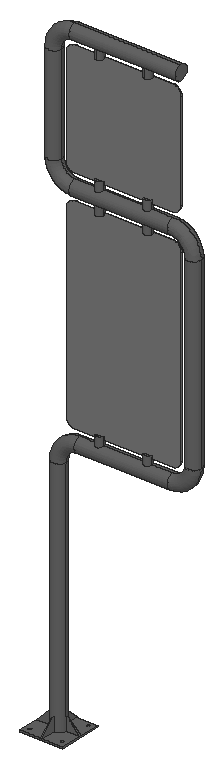
Revit family "FS_Столбик_Конечная точка_R16", category Антураж, Revit 2016
Family settings
  На основе рабочей плоскости = Нет
  Всегда вертикально = Да
  При загрузке вырезать с полостями = Нет
  Источник визуального образа = Геометрия семейства
  Общий = Нет
  Точка расчета площади = Нет
Parameters (values of type "Конечная точка c доп.информацией «Яуза» А 3.1")
  Усиление_Ширина = (Основание_Ширина - Диаметр) / 2  # 56 mm
  Стоимость = 17800
  Основание_Ширина = 169 mm
  Основание_Толщина = 6 mm
  Материал таблички = FS_Краска
  Комментарии к типоразмеру = "Материал: сталь"  # constant formula
  Изготовитель = "ООО 'Хоббика'"  # constant formula
  Диаметр = 57 mm
  Высота = 2510 mm  # constant formula
  URL = "https://hobbyka.ru/product/ukazatel_yauza_3.1/?sphrase_id=88627#close_popup_window"
  ADSK_Наименование = "Конечная точка c доп.информацией «Яуза» А 3.1"
  ADSK_Материал = FS_Сталь
  ADSK_Код изделия = "11102"  # constant formula
Reference planes
  plane 1 "По центру (Вперед/Назад)": y = 0
  plane 2: z = 0
  plane 3 "По центру (Влево/Вправо)": x = 0
  plane 4: y = 84.5
  plane 5: x = -84.5
  plane 6: y = -84.5
  plane 7: x = 84.5
  plane 8: z = 6
  plane 9: x = -63.5
  plane 10: y = 63.5
  plane 11: x = 63.5
  plane 12: y = -63.5
  plane 13: x = 255.5
  plane 14: x = 350.5
  plane 15: x = 160.5
  plane 16: x = -28.5
  plane 17: x = 28.5
  plane 18: z = 62
  plane 19: z = 56
  plane 20: y = 28.5
  plane 21: y = -28.5
  plane 22: z = 1032.5
  plane 23: z = 1931.5
  plane 24: z = 2481.5
Forms (mm)
  Extrusion 1, solid, material "FS_Сталь" <- "ADSK_Материал"
    sketch origin (0, 0, 0) x (1, 0, 0) y (0, 1, 0)
      loop
        line (-84.5, 84.5) -> (-84.5, -84.5) -> (84.5, -84.5) -> (84.5, 84.5) -> (-84.5, 84.5)
    from 0 to 6
  Sweep 2, solid, material "FS_Сталь" <- "ADSK_Материал"
    path origin (0, 0, 0) x (1, 0, 0) y (0, 0, 1)
      loop
        line (480, 2481.5) -> (63, 2481.5)
        arc (63, 2481.5) -> (5.017, 2457.483) -> (-19, 2399.5) r 82
        line (-19, 2399.5) -> (-19, 2013.5)
        arc (-19, 2013.5) -> (5.017, 1955.517) -> (63, 1931.5) r 82
        line (63, 1931.5) -> (449, 1931.5)
        arc (449, 1931.5) -> (506.983, 1907.483) -> (531, 1849.5) r 82
        line (531, 1849.5) -> (531, 1114.5)
        arc (531, 1114.5) -> (506.983, 1056.517) -> (449, 1032.5) r 82
        line (449, 1032.5) -> (82, 1032.5)
        arc (82, 1032.5) -> (24.017, 1008.483) -> (0, 950.5) r 82
        line (0, 950.5) -> (0, 6)
    profile origin (271.5, 0, 2481.5) x (0, 0, -1) y (0, -1, 0)
      loop
        circle (0, 0) r 28.5
  Extrusion 3, void
    sketch origin (0, 0, 0) x (1, 0, 0) y (0, 1, 0)
      loop
        circle (-63.5, 63.5) r 5
      loop
        circle (63.5, 63.5) r 5
      loop
        circle (63.5, -63.5) r 5
      loop
        circle (-63.5, -63.5) r 5
    from 0 to 6
  Extrusion 4, solid, material "FS_Сталь" <- "ADSK_Материал"
    sketch origin (449, -1524, 1032.5) x (-1, 0, 0) y (0, -1, 0)
      loop
        circle (288.5, -1524) r 15
      loop
        circle (98.5, -1524) r 15
    from 0 to 60
  Extrusion 5, solid, material "FS_Сталь" <- "ADSK_Материал"
    sketch origin (63, -1524, 1931.5) x (-1, 0, 0) y (0, -1, 0)
      loop
        circle (-97.5, -1524) r 15
      loop
        circle (-287.5, -1524) r 15
    from -60 to 60
  Extrusion 6, solid, material "FS_Сталь" <- "ADSK_Материал"
    sketch origin (480, -1524, 2481.5) x (0, -1, 0) y (-1, 0, 0)
      loop
        circle (-1524, 129.5) r 15
      loop
        circle (-1524, 319.5) r 15
    from 0 to 60
  Extrusion 7, solid, material "FS_Сталь" <- "ADSK_Материал"
    sketch origin (0, 0, 0) x (1, 0, 0) y (0, 0, 1)
      loop
        line (-84.5, 6) -> (-24.5, 6) -> (-24.5, 56) -> (-34.5, 56) -> (-84.5, 6)
      loop
        line (84.5, 6) -> (34.5, 56) -> (24.5, 56) -> (24.5, 6) -> (84.5, 6)
    from -2 to 2
  Extrusion 8, solid, material "FS_Сталь" <- "ADSK_Материал"
    sketch origin (0, 0, 0) x (0, -1, 0) y (0, 0, 1)
      loop
        line (-84.5, 6) -> (-24.5, 6) -> (-24.5, 56) -> (-34.5, 56) -> (-84.5, 6)
      loop
        line (84.5, 6) -> (34.5, 56) -> (24.5, 56) -> (24.5, 6) -> (84.5, 6)
    from -2 to 2
  Extrusion 9, solid, material "FS_Краска" <- "Материал таблички"
    sketch origin (0, 0, 0) x (1, 0, 0) y (0, 0, 1)
      loop
        line (63, 1082) -> (449, 1082)
        arc (449, 1082) -> (471.627, 1091.373) -> (481, 1114) r 32
        line (481, 1114) -> (481, 1850)
        arc (481, 1850) -> (471.627, 1872.627) -> (449, 1882) r 32
        line (449, 1882) -> (63, 1882)
        arc (63, 1882) -> (40.373, 1872.627) -> (31, 1850) r 32
        line (31, 1850) -> (31, 1114)
        arc (31, 1114) -> (40.373, 1091.373) -> (63, 1082) r 32
      loop
        line (63, 1981.5) -> (449, 1981.5)
        arc (449, 1981.5) -> (471.627, 1990.873) -> (481, 2013.5) r 32
        line (481, 2013.5) -> (481, 2399.5)
        arc (481, 2399.5) -> (471.627, 2422.127) -> (449, 2431.5) r 32
        line (449, 2431.5) -> (63, 2431.5)
        arc (63, 2431.5) -> (40.373, 2422.127) -> (31, 2399.5) r 32
        line (31, 2399.5) -> (31, 2013.5)
        arc (31, 2013.5) -> (40.373, 1990.873) -> (63, 1981.5) r 32
    from -1 to 1
Cuts and joins
  Extrusion 3 cuts Extrusion 1
  joined: Sweep 2, Extrusion 4, Extrusion 5, Extrusion 6, Extrusion 7, Extrusion 8
Dimensions and locks
  "Основание_Толщина": plane 8 to level
  equal spacing: plane 5, plane 3 "По центру (Влево/Вправо)", plane 7
  "Основание_Ширина": plane 5 to plane 7
  equal spacing: plane 4, plane 1 "По центру (Вперед/Назад)", plane 6
  "Основание_Ширина": plane 4 to plane 6
  locked: plane 5 to plane 9 at 21
  locked: plane 11 to plane 7 at 21
  locked: plane 4 to plane 10 at 21
  locked: plane 12 to plane 6 at 21
  locked: plane 9 to Extrusion 3 sketch curve at 0  (x2)
  locked: plane 10 to Extrusion 3 sketch curve at 0  (x2)
  locked: plane 12 to Extrusion 3 sketch curve at 0  (x2)
  locked: plane 11 to Extrusion 3 sketch curve at 0  (x2)
  "Усиление_Ширина": plane 18 to plane 8
  locked: plane 18 to plane 19 at 6
  locked: Extrusion 7 sketch curve to plane 16 at 4
  locked: plane 17 to Extrusion 7 sketch curve at 4
  "Диаметр": plane 20 to plane 21
  equal spacing: plane 20, plane 1 "По центру (Вперед/Назад)", plane 21
  locked: plane 20 to Extrusion 8 sketch curve at 4
  locked: Extrusion 8 sketch curve to plane 21 at 4
  equal spacing: plane 17, plane 3 "По центру (Влево/Вправо)", plane 16
  "Диаметр": plane 17 to plane 16
  "Диаметр": diameter of Sweep 2 sketch curve
  locked: plane 8 to Extrusion 7 sketch curve (angle 45.00°)
  locked: Extrusion 7 sketch curve to plane 8 (angle 45.00°)
  aligned and locked: level to plane 2
  aligned and locked: Extrusion 1 sketch curve to plane 4
  aligned and locked: plane 5 to Extrusion 1 sketch curve
  aligned and locked: Extrusion 1 sketch curve to plane 6
  aligned and locked: plane 7 to Extrusion 1 sketch curve
  aligned and locked: plane 8 to Extrusion 1
  aligned and locked: Extrusion 1 to level
  aligned and locked: plane 8 to Extrusion 3
  aligned and locked: Extrusion 3 to level
  aligned and locked: Extrusion 7 sketch curve to plane 8
  aligned and locked: Extrusion 7 sketch curve to plane 19
  aligned and locked: plane 8 to Extrusion 7 sketch curve
  aligned and locked: Extrusion 8 sketch curve to plane 19
  aligned and locked: plane 19 to Extrusion 8 sketch curve
  aligned and locked: Extrusion 8 sketch curve to plane 8
  aligned and locked: plane 8 to Extrusion 8 sketch curve
Automatic sketch dimensions
  Extrusion 7 sketch curve to plane 5 = 0 mm
  Extrusion 7 sketch curve to plane 19 = 0 mm
  plane 7 to Extrusion 7 sketch curve = 0 mm
  Extrusion 7 sketch curve to plane 8 = 0 mm
  Extrusion 8 sketch curve to plane 4 = 0 mm
  Extrusion 8 sketch curve to plane 6 = 0 mm
  Extrusion 8 sketch curve to Extrusion 8 sketch curve = 10 mm  (x2)
  plane 1 "По центру (Вперед/Назад)" to Sweep 2 sketch curve = 0 mm
  Sweep 2 sketch curve to profile plane = 0 mm
  plane 17 to Extrusion 9 sketch curve = 2.5 mm  (x2)
  Extrusion 9 sketch curve to plane 11 = 0.5 mm  (x4)
  plane 14 to Extrusion 9 sketch curve = 98.5 mm  (x4)
  Extrusion 9 sketch curve to Extrusion 9 sketch curve = 32 mm  (x2)
  Sweep 2 sketch curve to plane 3 "По центру (Влево/Вправо)" = 0 mm
  Sweep 2 sketch curve to plane 8 = 0 mm
  plane 16 to Sweep 2 sketch curve = 9.5 mm
  Sweep 2 sketch curve to plane 11 = 0.5 mm  (x2)
  plane 7 to Sweep 2 sketch curve = 2.5 mm
  plane 14 to Sweep 2 sketch curve = 98.5 mm  (x2)
  Sweep 2 sketch curve to Sweep 2 sketch curve = 82 mm
  plane 14 to Sweep 2 sketch curve = 129.5 mm
  plane 1 "По центру (Вперед/Назад)" to Extrusion 5 sketch curve = 0 mm  (x2)
  Extrusion 5 sketch curve to plane 14 = 0 mm
  Extrusion 5 sketch curve to plane 15 = 0 mm
  plane 1 "По центру (Вперед/Назад)" to Extrusion 6 sketch curve = 0 mm  (x2)
  Extrusion 6 sketch curve to plane 15 = 0 mm
  Extrusion 6 sketch curve to plane 14 = 0 mm
  plane 1 "По центру (Вперед/Назад)" to Extrusion 4 sketch curve = 0 mm  (x2)
  Extrusion 4 sketch curve to plane 15 = 0 mm
  Extrusion 4 sketch curve to plane 14 = 0 mm
  Sweep 2 sketch curve to plane 22 = 0 mm
  plane 22 to Extrusion 9 sketch curve = 81.5 mm
  Sweep 2 sketch curve to plane 23 = 0 mm
  Extrusion 9 sketch curve to plane 23 = 81.5 mm
  plane 23 to Extrusion 9 sketch curve = 50 mm
  Sweep 2 sketch curve to plane 24 = 0 mm
  plane 24 to Extrusion 9 sketch curve = 82 mm
  radius of Extrusion 3 sketch curve = 5 mm  (x4)
  radius of Extrusion 5 sketch curve = 15 mm  (x2)
  radius of Extrusion 6 sketch curve = 15 mm  (x2)
  radius of Extrusion 4 sketch curve = 15 mm  (x2)
